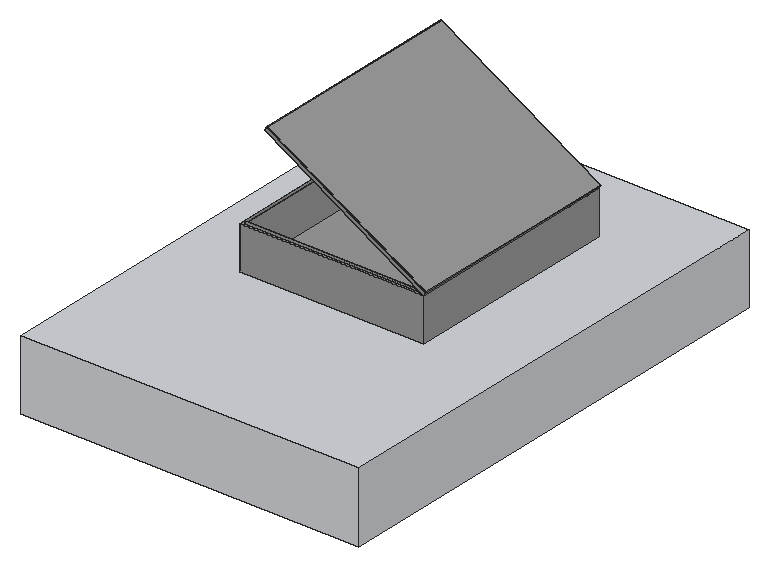
Revit family "Hager-Univers-IP54-D205-H950-Cl.II-Encl-CH-fr", category Equipement électrique, Revit 2020
Family settings
  Hôte = Face
  Configuration du panneau = Deux colonnes, circuits au sein
  Cote de connecteur circulaire = Utiliser le diamètre
  Type d'élément = Tableau de raccordement
  Couper avec des vides une fois chargée = Non
  Partagée = Non
  Point de calcul de pièce = Non
Parameters (values of type "saillie IP54 L800 H950 P205  - FP63QSW")
  Width Control [instance] = if([EF000008 - largeur] > Min Width, [EF000008 - largeur], Min Width)  # 800 mm
  Commentaires du type = [HG000003 - Gamme]  # "Univers"
  Thickness Door [instance] = if([EF009171 - épaisseur de matériau de la porte/du couvercle] > 3 mm, 3 mm, [EF009171 - épaisseur de matériau de la porte/du couvercle])  # 1 mm
  Seal Frame Offset [instance] = 17 mm  # constant formula
  Plinth Visibility [instance] = [HG000027 - Hauteur du socle] > 0 mm  # no
  Model = ""
  Min Width [instance] = 100 mm  # constant formula
  Min Height [instance] = 100 mm  # constant formula
  Min Depth [instance] = (2 * [EF009170 - épaisseur de matériau du boîtier]) + 1 mm  # 3 mm
  Internal Frame Depth [instance] = (Door System Depth * 0.5)  # 9 mm
  Height Control [instance] = if([EF000040 - hauteur] > Min Height, [EF000040 - hauteur], Min Height)  # 950 mm
  HG000027 - Hauteur du socle = 0 mm
  HG000026 - Installation au sol = no
  HG000024 - Hauteur de la section basse = 800 mm
  HG000023 - Armoire double section = no
  HG000016 - Visibilité de la porte 3D [instance] = yes
  HG000015 - Visibilité de l'emprise de la porte [instance] = no
  HG000014 - Porte à droite [instance] = yes
  HG000013 - Porte à gauche [instance] = not([HG000014 - Porte à droite])  # no
  HG000012 - Angle de pivotement de la porte [instance] = 30.00°
  HG000010 - Portes asymétriques = no
  HG000009 - Porte à double battant = no
  HG000006 - Encastré = no
  HG000004 - Référence fabricant = "FP63QSW"
  HG000003 - Gamme = "Univers"
  HG000002 - avec porte = yes
  Frame Offset Bottom [instance] = 10 mm  # constant formula
  Frame Offset [instance] = 15 mm  # constant formula
  EF015940 - couvercle avec décharge de pression = no
  EF011959 - degré de protection (NEMA) = ""
  EF009554 - nombre d'ouvertures pour plaques à bride = 6
  Fabricant = "Hager"  # constant formula
  EF009212 - finition du couvercle = "EV000116 - fermé"
  EF009171 - épaisseur de matériau de la porte/du couvercle = 1 mm
  EF009170 - épaisseur de matériau du boîtier = 1 mm
  EF008873 - courant nominal (In) = 250 A
  EF007800 - adapté à un parafoudre = no
  EF006306 - avec serrure = no
  EF006244 - couvercle/porte transparent(e) = no
  EF005474 - indice de protection (IP) = "EV006419 - IP54"
  EF004464 - type de porte = "EV002646 - unique"
  EF004427 - nombre de modules = 216
  EF004293 - indice de protection contre les chocs (IK) = "EV006815 - IK09"
  EF003532 - convient pour utilisation à l’extérieur = no
  EF002950 - largeur en nombre de modules = 36
  EF001613 - maintien de fonction = "EV000494 - sans"
  EF001596 - matériau du boîtier/corps = "EV000179 - acier"
  EF001131 - profondeur intérieure = 143 mm
  EF001088 - possibilité de montage en saillie = yes
  EF000437 - nombre d'entrées de conduit = 6
  EF000339 - type de capot = "EV001012 - couvercle"
  EF000266 - nombre de rangées = 6
  EF000218 - profondeur d'encastrement = 0 mm
  EF000118 - avec cadre/support de montage = no
  EF000116 - numéro RAL = "9010"
  EF000049 - profondeur = 205 mm
  EF000040 - hauteur = 950 mm
  EF000008 - largeur = 800 mm
  EF000007 - couleur = "EV000202 - blanc"
  EF000003 - mode de pose = "EV000384 - saillie"
  Door System Leaf Tolerance [instance] = 1.5 mm  # constant formula
  Door System Depth [instance] = 18 mm  # constant formula
  Door Height [instance] = Height Control - [HG000027 - Hauteur du socle]  # 950 mm
  Depth Control [instance] = if([EF000049 - profondeur] > Min Depth, [EF000049 - profondeur], Min Depth)  # 205 mm
  Default Elevation = 0 mm
  Connector Offset [instance] = Height Control / 2  # 475 mm
  Bottom Top Plate Trim [instance] = 1.5 mm  # constant formula
  Plinth height Ctrl [instance] = if([HG000027 - Hauteur du socle] > 0 mm, [HG000027 - Hauteur du socle], 12 mm)  # 12 mm
Types (5, lengths in mm): name | Width Control | HG000010 - Portes asymétriques | HG000009 - Porte à double battant | HG000004 - Référence fabricant | EF009554 - nombre d'ouvertures pour plaques à bride | EF004464 - type de porte | EF004427 - nombre de modules | EF002950 - largeur en nombre de modules | EF001131 - profondeur intérieure | EF000437 - nombre d'entrées de conduit | EF000339 - type de capot | EF000008 - largeur
  saillie IP54 L1050 H950 P205  - FP64QSW | 1050 | no | no | "FP64QSW" | 8 | "EV003602 - double" | 288 | 48 | 143 | 8 | "EV001012 - couvercle" | 1050
  saillie IP54 L1300 H950 P205  - FP65QSW | 1300 | yes | yes | "FP65QSW" | 10 | "EV003602 - double" | 360 | 60 | 130 | 10 | "EV004216 - porte" | 1300
  saillie IP54 L300 H950 P205  - FP61QSW | 300 | no | no | "FP61QSW" | 2 | "EV002646 - unique" | 72 | 12 | 130 | 2 | "EV004216 - porte" | 300
  saillie IP54 L550 H950 P205  - FP62QSW | 550 | no | no | "FP62QSW" | 4 | "EV002646 - unique" | 144 | 24 | 130 | 4 | "EV001012 - couvercle" | 550
  saillie IP54 L800 H950 P205  - FP63QSW | 800 | no | no | "FP63QSW" | 6 | "EV002646 - unique" | 216 | 36 | 143 | 6 | "EV001012 - couvercle" | 800
Reference planes
  plane 1 "Center (Front/Back)": y = 0
  plane 2: z = 0
  plane 3 "Center (Left/Right)": x = 0
  plane 4: z = 205
  plane 5: y = 1
  plane 6: y = 475
  plane 7: y = 0
  plane 8: y = 950
  plane 9: z = 0
  plane 10: x = -385
  plane 11: x = 385
  plane 12: x = 384
  plane 13: x = -384
  plane 14: y = 949
  plane 15: x = -383
  plane 16: x = -400
  plane 17: x = 383
  plane 18: x = 400
  plane 19: x = 399
  plane 20: x = -399
  plane 21: y = 11
  plane 22: y = 950
  plane 23: y = 934
  plane 24: z = 187
  plane 25: z = 1
  plane 26: z = 186
  plane 27: z = 204
Forms (mm)
  Extrusion 1, solid
    sketch origin (0, 0, 0) x (1, 0, 0) y (0, 1, 0)
      loop
        line (-702.964, 1305) -> (-702.964, -811.445) -> (766.763, -811.445) -> (766.763, 1305) -> (-702.964, 1305)
    from 0 to -304.8
  Extrusion 2, solid, material "Hager_Steel_RAL7035_Light_Grey", visible <- "Plinth Visibility", detail levels medium+fine
    sketch origin (0, 0, 0) x (1, 0, 0) y (0, 1, 0)
      loop
        line (-400, 0) -> (400, 0) -> (400, 12) -> (-400, 12) -> (-400, 0)
    from 0 to 187
  Extrusion 3, solid, material "Hager_Steel_RAL7035_Light_Grey", detail levels medium+fine
    sketch origin (0, 0, 0) x (1, 0, 0) y (0, 1, 0)
      loop
        line (-400, 0) -> (400, 0) -> (400, 950) -> (-400, 950) -> (-400, 0)
    from 0 to 187
  Extrusion 4, void
    sketch origin (0, 0, 0) x (1, 0, 0) y (0, 1, 0)
      loop
        line (-399, 1) -> (399, 1) -> (399, 949) -> (-399, 949) -> (-399, 1)
    from 1 to 186
  Extrusion 5, void
    sketch origin (-381.607, -4572, 187) x (0, -1, 0) y (-1, 0, 0)
      loop
        line (-4583, 2.393) -> (-5506, 2.393) -> (-5506, -765.607) -> (-4583, -765.607) -> (-4583, 2.393)
    from 0 to 1 <- "EF009170 - épaisseur de matériau du boîtier"
  Extrusion 6, solid, material "Hager_Steel_RAL7035_Light_Grey", detail levels fine
    sketch origin (0, 0, 187) x (1, 0, 0) y (0, 1, 0)
      loop
        line (-384, 934) -> (-384, 11) -> (384, 11) -> (384, 934) -> (-384, 934)
      loop
        line (-385, 10) -> (385, 10) -> (385, 935) -> (-385, 935) -> (-385, 10)
    from 0 to 9 <- "Internal Frame Depth"
  Extrusion 7, solid, material "Hager_Steel_RAL7035_Light_Grey", detail levels coarse
    sketch origin (0, 0, 0) x (1, 0, 0) y (0, 1, 0)
      loop
        line (-400, 0) -> (400, 0) -> (400, 950) -> (-400, 950) -> (-400, 0)
    from 0 to 205
  Sweep 8, void
    path in 3D
      loop
        line (-400, 12, 0) -> (400, 12, 0) -> (400, 12, 187) -> (-400, 12, 187) -> (-400, 12, 0)
    profile origin (-400, 12, 93.5) x (-1, 0, 0) y (0, -1, 0)
      loop
        line (0, 0) -> (0, 1.5) -> (-1.5, 1.5)
        arc (-1.5, 1.5) -> (-1.061, 0.439) -> (0, 0) r 1.5
Cuts and joins
  Extrusion 4, Extrusion 5 cuts Extrusion 3
  Sweep 8 cuts Extrusion 2
Lines and regions (mm)
  Masking region 1
    outline origin (0, 0, 0) x (1, 0, 0) y (0, 0, 1)
      loop
        line (-400, 205) -> (-400, 0) -> (400, 0) -> (400, 205) -> (-400, 205)
  Masking region 2, detail levels medium+fine
    outline origin (0, 140, 0) x (0, 1, 0) y (0, 0, 1)
      loop
        line (-140, 0) -> (810, 0) -> (810, 187) -> (-140, 187) -> (-140, 0)
  Masking region 3, not visible, detail levels medium+fine
    outline origin (0, 297.922, 0) x (0, 1, 0) y (0, 0, 1)
      loop
        line (188.578, 0) -> (228.578, 0) -> (228.578, 194)
        arc (228.578, 194) -> (225.649, 201.071) -> (218.578, 204) r 10
        line (218.578, 204) -> (188.578, 204) -> (188.578, 0)
  Masking region 4, detail levels coarse
    outline origin (0, 0, 180) x (0, 1, 0) y (0, 0, 1)
      loop
        line (0, -180) -> (950, -180) -> (950, 25) -> (0, 25) -> (0, -180)
  Masking region 5, visible <- "Plinth Visibility", detail levels medium+fine
    outline origin (0, 52.24, 12.345) x (0, 0, -1) y (0, 1, 0)
      loop
        line (10.845, -40.24) -> (-173.155, -40.24)
        arc (-173.155, -40.24) -> (-173.594, -41.301) -> (-174.655, -41.74) r 1.5
        line (-174.655, -41.74) -> (-174.655, -52.24) -> (12.345, -52.24) -> (12.345, -41.74)
        arc (12.345, -41.74) -> (11.285, -41.301) -> (10.845, -40.24) r 1.5
  Masking region 6, detail levels medium+fine
    outline origin (-381.607, -4572, 187) x (-1, 0, 0) y (0, -1, 0)
      loop
        line (18.393, -5522) -> (18.393, -4572) -> (-781.607, -4572) -> (-781.607, -5522) -> (18.393, -5522)
  Masking region 7, visible <- "Plinth Visibility", detail levels medium+fine
    outline origin (-381.607, -4727, 187) x (-1, 0, 0) y (0, -1, 0)
      loop
        arc (16.893, -4739) -> (17.332, -4737.939) -> (18.393, -4737.5) r 1.5
        line (18.393, -4737.5) -> (18.393, -4727) -> (-781.607, -4727) -> (-781.607, -4737.5)
        arc (-781.607, -4737.5) -> (-780.546, -4737.939) -> (-780.107, -4739) r 1.5
        line (-780.107, -4739) -> (16.893, -4739)
  Masking region 8, detail levels coarse
    outline origin (-442.548, -4669.526, 187) x (-1, 0, 0) y (0, -1, 0)
      loop
        line (-42.548, -5619.526) -> (-42.548, -4669.526) -> (-842.548, -4669.526) -> (-842.548, -5619.526) -> (-42.548, -5619.526)
  sketch lines
    curve 1: line (-400, 12, 187) -> (-400, 12, 0)
    curve 2: line (400, 12, 187) -> (-400, 12, 187)
    curve 3: line (400, 12, 187) -> (400, 12, 0)
    curve 4: line (-400, 12, 0) -> (400, 12, 0)
Dimensions and locks
  "Depth Control": plane 4 to Extrusion 1
  "HG000027 - Hauteur du socle": plane 1 "Center (Front/Back)" to plane 7
  "EF009170 - épaisseur de matériau du boîtier": plane 5 to plane 7
  locked: connector elem to plane 3 "Center (Left/Right)"
  equal spacing: plane 8, plane 6, plane 7
  locked: connector elem to plane 6
  "EF009170 - épaisseur de matériau du boîtier": plane 8 to plane 14
  "EF009170 - épaisseur de matériau du boîtier": plane 10 to plane 13
  "EF009170 - épaisseur de matériau du boîtier": plane 12 to plane 11
  "Frame Offset": plane 20 to plane 13
  "Frame Offset": plane 12 to plane 19
  "EF009170 - épaisseur de matériau du boîtier": plane 16 to plane 20
  "EF009170 - épaisseur de matériau du boîtier": plane 19 to plane 18
  "Seal Frame Offset": plane 16 to plane 15
  "Seal Frame Offset": plane 17 to plane 18
  "Frame Offset Bottom": plane 21 to plane 5
  "Frame Offset": plane 14 to plane 23
  equal spacing: plane 16, plane 3 "Center (Left/Right)", plane 18
  "Width Control": plane 16 to plane 18
  "EF009170 - épaisseur de matériau du boîtier": plane 4 to plane 27
  "EF009170 - épaisseur de matériau du boîtier": plane 24 to plane 26
  "EF009170 - épaisseur de matériau du boîtier": plane 25 to level
  "Door System Depth": plane 4 to plane 24
  "Height Control": plane 1 "Center (Front/Back)" to Extrusion 7 sketch curve
  "Height Control": Masking region 4 sketch curve to plane 1 "Center (Front/Back)"
  "Height Control": plane 1 "Center (Front/Back)" to plane 22
  "Bottom Top Plate Trim": profile plane to Sweep 8 sketch curve
  "Bottom Top Plate Trim": Sweep 8 sketch curve to profile plane
  "Plinth height Ctrl": plane 1 "Center (Front/Back)" to Extrusion 2 sketch curve
  "Plinth height Ctrl": Masking region 5 sketch curve to plane 1 "Center (Front/Back)"
  "Plinth height Ctrl": plane 1 "Center (Front/Back)" to Masking region 7 sketch curve
  "Thickness Door": Extrusion 6 sketch curve to Extrusion 6 sketch curve  (x3)
  "Thickness Door": cut or joined group of Extrusion 3, Extrusion 4, Extrusion 5 to Extrusion 6 sketch curve
  radius of Masking region 3 sketch curve = 10 mm
  "Bottom Top Plate Trim": radius of Masking region 5 sketch curve  (x2)
  "Bottom Top Plate Trim": radius of Sweep 8 sketch curve
  "Bottom Top Plate Trim": radius of Masking region 7 sketch curve  (x2)
  aligned and locked: plane 2 to Extrusion 1
  aligned and locked: level to Extrusion 1
  aligned and locked: level to Masking region 1 sketch curve
  aligned and locked: Masking region 1 sketch curve to plane 18
  aligned and locked: Masking region 1 sketch curve to plane 16
  aligned and locked: plane 7 to Masking region 2 sketch curve
  aligned and locked: level to Masking region 3 sketch curve
  aligned and locked: Masking region 3 sketch curve to plane 27
  aligned and locked: level to Masking region 2 sketch curve
  aligned and locked: plane 1 "Center (Front/Back)" to Extrusion 2 sketch curve
  aligned and locked: Extrusion 3 sketch curve to plane 7
  aligned and locked: plane 16 to Extrusion 3 sketch curve
  aligned and locked: plane 18 to Extrusion 3 sketch curve
  aligned and locked: plane 20 to Extrusion 4 sketch curve
  aligned and locked: plane 19 to Extrusion 4 sketch curve
  aligned and locked: Extrusion 4 sketch curve to plane 5
  aligned and locked: Extrusion 4 to plane 25
  aligned and locked: plane 26 to Extrusion 4
  aligned and locked: plane 24 to Extrusion 3
  aligned and locked: Extrusion 5 sketch curve to plane 21
  aligned and locked: Extrusion 5 sketch curve to plane 13
  aligned and locked: Extrusion 5 sketch curve to plane 12
  aligned and locked: plane 18 to Extrusion 7 sketch curve
  aligned and locked: plane 1 "Center (Front/Back)" to Extrusion 7 sketch curve
  aligned and locked: plane 16 to Extrusion 7 sketch curve
  aligned and locked: plane 4 to Extrusion 7
  aligned and locked: Extrusion 7 to level
  aligned and locked: level to Masking region 4 sketch curve
  aligned and locked: Masking region 4 sketch curve to plane 1 "Center (Front/Back)"
  aligned and locked: Masking region 4 sketch curve to plane 4
  aligned and locked: nested 1 to level
  aligned and locked: nested 1 to plane 16
  aligned and locked: plane 8 to Extrusion 3 sketch curve
  aligned and locked: plane 23 to Extrusion 5 sketch curve
  aligned and locked: plane 14 to Extrusion 4 sketch curve
  aligned and locked: Masking region 2 sketch curve to plane 8
  aligned and locked: level to Masking region 5 sketch curve
  aligned and locked: plane 16 to Extrusion 2 sketch curve
  aligned and locked: plane 18 to Extrusion 2 sketch curve
  aligned and locked: Masking region 5 sketch curve to plane 24
  aligned and locked: Masking region 2 sketch curve to plane 24
  aligned and locked: plane 24 to Extrusion 2
  aligned and locked: profile plane to Sweep 8 sketch curve  (x2)
  aligned and locked: Masking region 6 sketch curve to plane 18
  aligned and locked: Masking region 6 sketch curve to plane 22
  aligned and locked: Masking region 6 sketch curve to plane 16
  aligned and locked: plane 8 to plane 22
  aligned and locked: Masking region 6 sketch curve to plane 7
  aligned and locked: Masking region 7 sketch curve to plane 16
  aligned and locked: Masking region 7 sketch curve to plane 1 "Center (Front/Back)"
  aligned and locked: Masking region 7 sketch curve to plane 18
  aligned and locked: Masking region 8 sketch curve to plane 1 "Center (Front/Back)"
  aligned and locked: Masking region 8 sketch curve to plane 18
  aligned and locked: Masking region 8 sketch curve to plane 22
  aligned and locked: Masking region 8 sketch curve to plane 16
  aligned and locked: nested 2 to plane 7
  aligned and locked: plane 3 "Center (Left/Right)" to nested 2
  aligned and locked: nested 2 to plane 24
  aligned and locked: Extrusion 6 sketch curve to cut or joined group of Extrusion 3, Extrusion 4, Extrusion 5  (x4)
Automatic sketch dimensions
  Extrusion 1 sketch curve to Extrusion 1 sketch curve = 1469.727 mm
  Extrusion 1 sketch curve to Extrusion 1 sketch curve = 2116.445 mm
  Masking region 1 sketch curve to plane 4 = 0 mm
  plane 6 to Masking region 3 sketch curve = 11.5 mm
  Masking region 3 sketch curve to Masking region 3 sketch curve = 30 mm
  Masking region 5 sketch curve to plane 1 "Center (Front/Back)" = 0 mm
Nested families
  nested 1: "Hager_Enclosure_Symbol" at (-400, 0, 0) x (1, 0, 0) z (0, -1, 0), Height <- "Depth Control", Width <- "Width Control", type "Hager_Enclosure_Symbol"
    with Width_Ctrl 800 mm, Width 800 mm, Height_Ctrl 205 mm, Height 205 mm, A_Width_Int 13.453 mm, A_Width 161.438 mm, A_Height_Ctrl 179.375 mm, A_Height 179.375 mm
  nested 2: "EC000058_Univers_Door" at (0, 0, 187) x (1, 0, 0) z (0, 1, 0), Leaf_Tolerance <- "Door System Leaf Tolerance", Angle <- "HG000012 - Angle de pivotement de la porte", Door_Depth <- "Door System Depth", Door_Left <- "HG000013 - Porte à gauche", Transparent <- "EF006244 - couvercle/porte transparent(e)", Assymetrical <- "HG000010 - Portes asymétriques", Width <- "Width Control", Clearance <- "HG000015 - Visibilité de l'emprise de la porte", Double <- "HG000009 - Porte à double battant", 3d_Door <- "HG000016 - Visibilité de la porte 3D", Lock_Visibility <- "EF006306 - avec serrure", Width_Ctrl <- "Width Control", Door_Right <- "HG000014 - Porte à droite", Door <- "HG000002 - avec porte", Height <- "Door Height", Thickness <- "Thickness Door", type "EC000058_Univers_Door", detail levels medium+fine
    with min_wh 3 mm, Width_Ctrl 800 mm, Width 800 mm, Transparent no, Thickness 1 mm, Seal_Material Hager_Rubber, Lock_Visibility no, Lock_Material Hager_Plastic_RAL9005_Jet_Black, Leaf_Width 800 mm, Leaf_Tolerance_External_Sides 0 mm, Leaf_Tolerance 1.5 mm, Leaf_Offset 0 mm, Leaf_Height 947 mm, Leaf_2_Width 800 mm, Leaf_2_Offset 400 mm, Leaf_1_Width 800 mm, Leaf_1_Offset 400 mm, Height_Ctrl 950 mm, Height 950 mm, Glass_Material Hager_Glass, Double_Clearance_Ctrl no, Double no, Door_Right_Ctrl yes, Door_Right yes, Door_Material Hager_Steel_RAL7035_Light_Grey, Door_Left_Ctrl no, Door_Left no, Door_Depth 18 mm, Door yes, Clearance_Material Hager_Clearance, Clearance_Depth 800 mm, Clearance_Ctrl no, Clearance no, Assymetrical no, Angle 30.00°, 3d_Door yes
Connectors
  electrical at (0, 475, 0)
    settings: on plane 9, index 1, voltage 0 V, apparent load 0 VA, apparent load phase1 0 VA, apparent load phase2 0 VA, apparent load phase3 0 VA, power factor 1, load classification "Other", number of poles 1, system type 30, power factor state 1, is connector primary yes, connector utility no, sub classification motor no, connector description ""
Definition of nested family "EC000058_Univers_Door"
  Parameters (values of type "EC000058_Univers_Door")
    min_wh [instance] = (2 * Thickness) + 1 mm  # 11 mm
    Width_Ctrl [instance] = 400 mm
    Width [instance] = 500 mm
    Transparent [instance] = yes
    Thickness [instance] = 5 mm
    Seal_Material [instance] = none
    Lock_Visibility [instance] = yes
    Lock_Material [instance] = none
    Leaf_Width [instance] = if((Width_Ctrl - 2 * Leaf_Tolerance_External_Sides) > 0 mm, (Width_Ctrl - 2 * Leaf_Tolerance_External_Sides), min_wh)  # 400 mm
    Leaf_Tolerance_External_Sides [instance] = 0 mm  # constant formula
    Leaf_Tolerance [instance] = 1.5 mm
    Leaf_Offset [instance] = 0 mm  # constant formula
    Leaf_Height [instance] = if((Height_Ctrl - 2 * Leaf_Tolerance) > 0 mm, (Height_Ctrl - 2 * Leaf_Tolerance), min_wh)  # 497 mm
    Leaf_2_Width [instance] = if(and(and(Double, Assymetrical), Door_Left), (Leaf_Width / 3) - (Leaf_Tolerance / 2), if(and(and(Double, Assymetrical), Door_Right), (Leaf_Width / 3) * 2 - (Leaf_Tolerance / 2), if(and(Double, not(Assymetrical)), (Leaf_Width / 2) - Leaf_Tolerance, Leaf_Width)))  # 400 mm
    Leaf_2_Offset [instance] = if(and(Double, Assymetrical), Leaf_2_Width / 2, if(and(Double, not(Assymetrical)), Leaf_Width / 4, Leaf_Width / 2))  # 200 mm
    Leaf_1_Width [instance] = if(and(and(Double, Assymetrical), Door_Right), (Leaf_Width / 3) - (Leaf_Tolerance / 2), if(and(and(Double, Assymetrical), Door_Left), (Width / 3) * 2 - (Leaf_Tolerance / 2), if(and(Double, not(Assymetrical)), (Leaf_Width / 2) - Leaf_Tolerance, Leaf_Width)))  # 400 mm
    Leaf_1_Offset [instance] = if(and(Double, Assymetrical), Leaf_1_Width / 2, if(and(Double, not(Assymetrical)), Leaf_Width / 4, Leaf_Width / 2))  # 200 mm
    Height_Ctrl [instance] = if(Height > min_wh, Height, min_wh)  # 500 mm
    Height [instance] = 500 mm
    Glass_Material [instance] = none
    Double_Clearance_Ctrl [instance] = and(Double, Clearance)  # no
    Double [instance] = no
    Door_Right_Ctrl [instance] = and(or(Door_Right, Double), Door)  # yes
    Door_Right [instance] = yes
    Door_Material [instance] = none
    Door_Left_Ctrl [instance] = and(or(Door_Left, Double), Door)  # no
    Door_Left [instance] = no
    Door_Depth [instance] = 30 mm
    Door [instance] = yes
    Default Elevation = 1219.2 mm
    Clearance_Material [instance] = none
    Clearance_Depth [instance] = if(Leaf_1_Width > Leaf_2_Width, Leaf_1_Width, Leaf_2_Width)  # 400 mm
    Clearance_Ctrl [instance] = and(not(Double), Clearance)  # yes
    Clearance [instance] = yes
    Assymetrical [instance] = yes
    Angle [instance] = 30.00°
    3d_Door [instance] = yes
  Reference planes
    plane 1 "Center (Front/Back)": y = 0
    plane 2 "Bottom": z = 0
    plane 3 "Center (Left/Right)": x = 0
    plane 4: z = 500
    plane 5: x = -200
    plane 6: x = 200
    plane 7: z = 500
    plane 8: x = -200
    plane 9: z = 0
    plane 10: x = 200
    plane 11: y = 0
    plane 12: z = 1.5
    plane 13: x = -600
    plane 14: y = -400
    plane 15: x = 600
    plane 16: x = 0
    plane 17: x = 0
    plane 18: x = -200
    plane 19: x = 200
    plane 20: z = 498.5
  Forms (mm)
    Extrusion 1, solid, material <- "Clearance_Material", visible <- "Double_Clearance_Ctrl"
      sketch origin (1200, 0, 0) x (1, 0, 0) y (0, 0, -1)
        loop
          line (-1800, -498.5) -> (-600, -498.5) -> (-600, 0) -> (-1800, 0) -> (-1800, -498.5)
      from 0 to -400
  Dimensions and locks
    equal spacing: plane 5, plane 3 "Center (Left/Right)", plane 6
    "Width_Ctrl": plane 5 to plane 6
    "Leaf_Offset": plane 5 to plane 8
    "Leaf_Offset": plane 6 to plane 10
    "Leaf_Offset": plane 9 to level
    "Leaf_Offset": plane 4 to plane 7
    "Height_Ctrl": plane 4 to level
    "Leaf_Tolerance": plane 12 to plane 9
    locked: plane 11 to plane 1 "Center (Front/Back)"
    "Leaf_1_Offset": plane 18 to plane 16
    "Leaf_2_Offset": plane 17 to plane 19
    "Leaf_1_Width": plane 13 to plane 8
    "Leaf_2_Width": plane 10 to plane 15
    "Clearance_Depth": plane 14 to plane 1 "Center (Front/Back)"
    "Leaf_Tolerance_External_Sides": plane 8 to plane 18
    "Leaf_Tolerance_External_Sides": plane 19 to plane 10
    "Leaf_Tolerance": plane 7 to plane 20
    aligned and locked: level to plane 2 "Bottom"
    aligned and locked: nested 1 to plane 16
    aligned and locked: nested 2 to plane 17
    aligned and locked: Extrusion 1 to plane 13
    aligned and locked: plane 15 to Extrusion 1
    aligned and locked: Extrusion 1 to plane 14
    aligned and locked: plane 12 to nested 1
    aligned and locked: nested 2 to plane 12
    aligned and locked: Extrusion 1 to plane 11
    aligned and locked: plane 20 to Extrusion 1
    aligned and locked: nested 2 to plane 11
    aligned and locked: nested 1 to plane 11
  Automatic sketch dimensions
    Extrusion 1 sketch curve to level = 0 mm
    plane 5 to Extrusion 1 sketch curve = 400 mm
    plane 6 to Extrusion 1 sketch curve = 400 mm
    Extrusion 1 sketch curve to plane 4 = 1.5 mm
  Nested families
    nested 1: "EC000058_Univers_Door_Leaf" at (0, 0, 1.5), Width <- "Leaf_1_Width", visible <- "Door_Left_Ctrl", Leaf_Height <- "Leaf_Height", Angle <- "Angle", 3d_Door <- "3d_Door", Transparent <- "Transparent", Clearance Material <- "Clearance_Material", Clearance <- "Clearance_Ctrl", Door_Material <- "Door_Material", Glass_Material <- "Glass_Material", Door_Depth <- "Door_Depth", Lock_Material <- "Lock_Material", Seal_Material <- "Seal_Material", Lock_Visibility <- "Lock_Visibility", Thickness <- "Thickness", type "EC000058_Univers_Door_Leaf"
      with Width 400 mm, Transparent_Glass_Offset 30 mm, Transparent_Ctrl yes, Transparent yes, Thickness 5 mm, Standard no, Seal_Material none, Seal_D2 8 mm, Seal_D1 1 mm, Offset_Internal_Frame 10 mm, Lock_Width 20 mm, Lock_Visibility_3d yes, Lock_Visibility yes, Lock_Thickness_3 3 mm, Lock_Thickness_2 1 mm, Lock_Thickness_1 3 mm, Lock_Radius_Offset_2 16 mm, Lock_Radius_Offset_1 15 mm, Lock_Radius_2 5 mm, Lock_Radius 6 mm, Lock_Offset 5 mm, Lock_Material none, Lock_Height 80 mm, Lock_Cover_Top_Offset_2d 17 mm, Lock_Cover_Height -65 mm, Leaf_Height 497 mm, Internal_Seal_Thickness 8 mm, Internal_Seal_Depth_2 4.5 mm, Internal_Frame_Depth 25 mm, Glass_Thickness -1 mm, Glass_Offset -2 mm, Glass_Material none, Door_Material none, Door_Depth 30 mm, Clearance Material none, Clearance yes, Angle_Ctrl 30.00°, Angle 30.00°, 3d_Door yes
    nested 2: "EC000058_Univers_Door_Leaf" at (0, 0, 1.5) x (-1, 0, 0) z (0, 0, 1), Width <- "Leaf_2_Width", visible <- "Door_Right_Ctrl", Leaf_Height <- "Leaf_Height", Angle <- "Angle", 3d_Door <- "3d_Door", Transparent <- "Transparent", Clearance Material <- "Clearance_Material", Clearance <- "Clearance_Ctrl", Door_Material <- "Door_Material", Glass_Material <- "Glass_Material", Door_Depth <- "Door_Depth", Lock_Material <- "Lock_Material", Seal_Material <- "Seal_Material", Lock_Visibility <- "Lock_Visibility", Thickness <- "Thickness", type "EC000058_Univers_Door_Leaf"
      with Width 400 mm, Transparent_Glass_Offset 30 mm, Transparent_Ctrl yes, Transparent yes, Thickness 5 mm, Standard no, Seal_Material none, Seal_D2 8 mm, Seal_D1 1 mm, Offset_Internal_Frame 10 mm, Lock_Width 20 mm, Lock_Visibility_3d yes, Lock_Visibility yes, Lock_Thickness_3 3 mm, Lock_Thickness_2 1 mm, Lock_Thickness_1 3 mm, Lock_Radius_Offset_2 16 mm, Lock_Radius_Offset_1 15 mm, Lock_Radius_2 5 mm, Lock_Radius 6 mm, Lock_Offset 5 mm, Lock_Material none, Lock_Height 80 mm, Lock_Cover_Top_Offset_2d 17 mm, Lock_Cover_Height -65 mm, Leaf_Height 497 mm, Internal_Seal_Thickness 8 mm, Internal_Seal_Depth_2 4.5 mm, Internal_Frame_Depth 25 mm, Glass_Thickness -1 mm, Glass_Offset -2 mm, Glass_Material none, Door_Material none, Door_Depth 30 mm, Clearance Material none, Clearance yes, Angle_Ctrl 30.00°, Angle 30.00°, 3d_Door yes
  Definition of nested family "EC000058_Univers_Door_Leaf"
    Parameters (values of type "EC000058_Univers_Door_Leaf")
      Width [instance] = 2000 mm
      Transparent_Glass_Offset [instance] = 30 mm
      Transparent_Ctrl [instance] = and(Transparent, [3d_Door])  # yes
      Transparent [instance] = yes
      Thickness [instance] = 5 mm
      Standard [instance] = and(not(Transparent), [3d_Door])  # no
      Seal_Material [instance] = none
      Seal_D2 [instance] = 8 mm  # constant formula
      Seal_D1 [instance] = 1 mm  # constant formula
      Offset_Internal_Frame [instance] = 10 mm  # constant formula
      Lock_Width [instance] = 20 mm  # constant formula
      Lock_Visibility_3d [instance] = and(Lock_Visibility, [3d_Door])  # yes
      Lock_Visibility [instance] = yes
      Lock_Thickness_3 [instance] = 3 mm  # constant formula
      Lock_Thickness_2 [instance] = 1 mm  # constant formula
      Lock_Thickness_1 [instance] = 3 mm  # constant formula
      Lock_Radius_Offset_2 [instance] = Lock_Radius_Offset_1 + 1 mm  # 16 mm
      Lock_Radius_Offset_1 [instance] = 15 mm  # constant formula
      Lock_Radius_2 [instance] = Lock_Radius - 1 mm  # 5 mm
      Lock_Radius [instance] = 6 mm  # constant formula
      Lock_Offset [instance] = 5 mm  # constant formula
      Lock_Material [instance] = none
      Lock_Height [instance] = 80 mm  # constant formula
      Lock_Cover_Top_Offset_2d [instance] = Lock_Radius_Offset_2 + 1 mm  # 17 mm
      Lock_Cover_Height [instance] = -(Lock_Height - Lock_Radius_Offset_1)  # -65 mm
      Leaf_Height [instance] = 2720.336 mm
      Internal_Seal_Thickness [instance] = 8 mm  # constant formula
      Internal_Seal_Depth_2 [instance] = 4.5 mm  # constant formula
      Internal_Frame_Depth [instance] = if(Door_Depth - Thickness > 5 mm, Door_Depth - Thickness, 5 mm)  # 25 mm
      Glass_Thickness [instance] = if(Thickness > 15 mm, Glass_Offset + 10 mm, -1 mm)  # -1 mm
      Glass_Offset [instance] = if(Thickness > 15 mm, -(Thickness + 10 mm) / 2, -2 mm)  # -2 mm
      Glass_Material [instance] = none
      Door_Material [instance] = none
      Door_Depth [instance] = 30 mm
      Default Elevation = 0 mm
      Clearance Material [instance] = none
      Clearance [instance] = yes
      Angle_Ctrl [instance] = if(Angle > 180.00°, 180.00°, Angle)  # 90.00°
      Angle [instance] = 90.00°
      3d_Door [instance] = yes
    Reference planes
      plane 1 "Center (Front/Back)": y = 0
      plane 2: z = 0
      plane 3 "Center (Left/Right)": x = 0
      plane 4: y = 2000
      plane 5: x = -1000
      plane 6: x = 1000
      plane 7: x = -3000
      plane 8: z = 2720.336
      plane 9: z = 30
      plane 10: z = 2690.336
      plane 11: x = 970
      plane 12: x = -970
      plane 13: y = -3
      plane 14: z = 107.833
      plane 15: y = -5
      plane 16: y = -223.314
      plane 17: x = -1000
      plane 18: z = 1360.168
      plane 19: y = 30
    Forms (mm)
      Extrusion 1, solid, material <- "Clearance Material", visible <- "Clearance"
        sketch origin (0, 0, 0) x (1, 0, 0) y (0, 0, 1)
          loop
            line (-3000, 2720.336) -> (-3000, 0) -> (1000, 0) -> (1000, 2720.336) -> (-3000, 2720.336)
        from 0 to -2000
      Extrusion 2, solid, material <- "Door_Material", visible <- "Standard", detail levels medium+fine
        sketch origin (-1000, 0, 0) x (0, 1, 0) y (-1, 0, 0)
          loop
            line (0, 30) -> (0, 25) -> (2000, 25) -> (2000, 30) -> (0, 30)
        from 0 to 2720.336 <- "Leaf_Height"
      Extrusion 3, solid, material <- "Door_Material", visible <- "Transparent_Ctrl", detail levels medium+fine
        sketch origin (-1000, 0, 0) x (0, 1, 0) y (-1, 0, 0)
          loop
            line (0, 25) -> (2000, 25) -> (2000, 30) -> (0, 30) -> (0, 25)
        from 0 to 2720.336 <- "Leaf_Height"
      Extrusion 4, void
        sketch origin (-1025, 2000, 0) x (0, 1, 0) y (0, 0, -1)
          loop
            line (-30, -2690.336) -> (-30, -30) -> (-1970, -30) -> (-1970, -2690.336) -> (-30, -2690.336)
        from 0 to 5 <- "Thickness"
      Sweep 5, solid, material <- "Seal_Material", visible <- "Transparent_Ctrl", detail levels fine
        path in 3D
          loop
            line (-1025, 30, 30) -> (-1025, 30, 2690.336) -> (-1025, 1970, 2690.336) -> (-1025, 1970, 30) -> (-1025, 30, 30)
        profile origin (-1025, 1000, 30) x (1, 0, 0) y (0, 0, 1)
          loop
            line (0, 0) -> (0, -8) -> (1, -8) -> (1, 0) -> (0, 0)
      Extrusion 6, solid, material <- "Glass_Material", visible <- "Transparent_Ctrl", detail levels medium+fine
        sketch origin (-1030, 0, 0) x (0, 1, 0) y (0, 0, -1)
          loop
            line (1970, -2690.336) -> (1970, -30) -> (30, -30) -> (30, -2690.336) -> (1970, -2690.336)
        from -2 <- "Glass_Offset" to -1 <- "Glass_Thickness"
      Extrusion 7, solid, material <- "Door_Material", visible <- "3d_Door", detail levels medium+fine
        sketch origin (-1025, 2000, 0) x (0, -1, 0) y (0, 0, -1)
          loop
            line (0, -2720.336) -> (2000, -2720.336) -> (2000, 0) -> (0, 0) -> (0, -2720.336)
          loop
            line (1995, -5) -> (5, -5) -> (5, -2715.336) -> (1995, -2715.336) -> (1995, -5)
        from 0 to 25 <- "Internal_Frame_Depth"
      Sweep 8, solid, material <- "Seal_Material", visible <- "Transparent_Ctrl", detail levels fine
        path in 3D
          loop
            line (-1025, 0, 0) -> (-1025, 2000, 0) -> (-1025, 2000, 2720.336) -> (-1025, 0, 2720.336) -> (-1025, 0, 0)
        profile origin (-1025, 0, 1360.168) x (1, 0, 0) y (0, 1, 0)
          loop
            line (0, 10) -> (2.975, 10)
            arc (2.975, 10) -> (4.053, 10.447) -> (4.5, 11.525) r 1.525
            line (4.5, 11.525) -> (4.5, 16.527)
            arc (4.5, 16.527) -> (4.069, 17.569) -> (3.027, 18) r 1.473
            line (3.027, 18) -> (0, 18) -> (0, 10)
      Extrusion 9, solid, material <- "Lock_Material", visible <- "Lock_Visibility_3d", detail levels fine
        sketch origin (-1030, 0, 0) x (0, 1, 0) y (0, 0, -1)
          loop
            arc (1993.5, -1400.168) -> (1994.561, -1399.729) -> (1995, -1398.668) r 1.5
            line (1995, -1398.668) -> (1995, -1320.168) -> (1975, -1320.168) -> (1975, -1398.668)
            arc (1975, -1398.668) -> (1975.439, -1399.729) -> (1976.5, -1400.168) r 1.5
            line (1976.5, -1400.168) -> (1993.5, -1400.168)
        from 3 <- "Lock_Thickness_1" to 0
      Blend 10, solid, material <- "Lock_Material", visible <- "Lock_Visibility_3d", detail levels fine
        base sketch origin (-1033, 0, 0) x (0, 1, 0) y (0, 0, -1)
          loop
            line (1975, -1320.168) -> (1975, -1398.668)
            arc (1975, -1398.668) -> (1975.439, -1399.729) -> (1976.5, -1400.168) r 1.5
            line (1976.5, -1400.168) -> (1993.5, -1400.168)
            arc (1993.5, -1400.168) -> (1994.561, -1399.729) -> (1995, -1398.668) r 1.5
            line (1995, -1398.668) -> (1995, -1320.168) -> (1975, -1320.168)
        top sketch origin (-1033, 0, 0) x (0, 1, 0) y (0, 0, -1)
          loop
            line (1976, -1320.168) -> (1976, -1398.668)
            arc (1976, -1398.668) -> (1976.146, -1399.022) -> (1976.5, -1399.168) r 0.5
            line (1976.5, -1399.168) -> (1993.5, -1399.168)
            arc (1993.5, -1399.168) -> (1993.854, -1399.022) -> (1994, -1398.668) r 0.5
            line (1994, -1398.668) -> (1994, -1320.168) -> (1976, -1320.168)
        from 0 to 1 <- "Lock_Thickness_2"
      Blend 11, solid, material <- "Lock_Material", visible <- "Lock_Visibility_3d", detail levels fine
        base sketch origin (-1034, 0, 0) x (0, 1, 0) y (0, 0, -1)
          loop
            line (1978, -1320.168) -> (1978, -1384.168)
            arc (1978, -1384.168) -> (1985, -1391.168) -> (1992, -1384.168) r 7
            line (1992, -1384.168) -> (1992, -1320.168) -> (1978, -1320.168)
        top sketch origin (-1034, 0, 0) x (0, 1, 0) y (0, 0, -1)
          loop
            line (1991, -1320.168) -> (1979, -1320.168) -> (1979, -1383.168)
            arc (1979, -1383.168) -> (1985, -1389.168) -> (1991, -1383.168) r 6
            line (1991, -1383.168) -> (1991, -1320.168)
        from 0 to 3 <- "Lock_Thickness_3"
      Extrusion 12, solid, material <- "Lock_Material", visible <- "Lock_Visibility_3d", detail levels fine
        sketch origin (-1030, 1975, 1320.168) x (1, 0, 0) y (0, -1, 0)
          loop
            line (-7, -19) -> (-7, -1) -> (0, -1) -> (0, 0) -> (-8, 0) -> (-8, -20) -> (0, -20) -> (0, -19) -> (-7, -19)
        from 0 to -65 <- "Lock_Cover_Height"
      Extrusion 13, void
        sketch origin (-1038, 1995, 1320.168) x (-1, 0, 0) y (0, 0, -1)
          loop
            line (-5, -65) -> (0, -65) -> (-5, -60) -> (-5, -65)
        from 0 to 20 <- "Lock_Width"
      Extrusion 14, void
        sketch origin (-1038, 1975, 1320.168) x (0, -1, 0) y (0, 0, -1)
          loop
            circle (-10, -15.995) r 6
          loop
            circle (-10, -15.995) r 5
        from 0 to 2
      Extrusion 15, solid, material <- "Lock_Material", visible <- "Lock_Visibility_3d", detail levels medium
        sketch origin (-1030, 0, 0) x (0, 1, 0) y (0, 0, -1)
          loop
            arc (1993.5, -1400.168) -> (1994.561, -1399.729) -> (1995, -1398.668) r 1.5
            line (1995, -1398.668) -> (1995, -1320.168) -> (1975, -1320.168) -> (1975, -1398.668)
            arc (1975, -1398.668) -> (1975.439, -1399.729) -> (1976.5, -1400.168) r 1.5
            line (1976.5, -1400.168) -> (1993.5, -1400.168)
        from 8 to 0
    Cuts and joins
      Extrusion 4 cuts Extrusion 3
      Extrusion 13, Extrusion 14 cuts Extrusion 9
      Extrusion 14 cuts Blend 11
      Extrusion 13, Extrusion 14 cuts Extrusion 12
      joined: Extrusion 9, Blend 10, Blend 11, Extrusion 12
      Extrusion 14 cuts Extrusion 15
    Lines and regions (mm)
      Masking region 1, visible <- "Lock_Visibility", detail levels fine
        outline origin (0, 0, 0) x (0, 1, 0) y (0, 0, 1)
          loop
            line (30, 1320.168) -> (33, 1320.168) -> (33, 1400.168) -> (30, 1400.168) -> (30, 1320.168)
      Masking region 2, visible <- "Lock_Visibility", detail levels fine
        outline origin (0, 3.143, 0) x (0, 1, 0) y (0, 0, 1)
          loop
            line (29.857, 1354.168) -> (30.857, 1354.168) -> (30.857, 1366.168) -> (29.857, 1366.168) -> (29.857, 1354.168)
      Masking region 3, detail levels medium+fine
        outline origin (0, 0, 0) x (0, 1, 0) y (0, 0, 1)
          loop
            line (0, 0) -> (30, 0) -> (30, 2720.336) -> (0, 2720.336) -> (0, 0)
      Masking region 4, detail levels medium+fine
        outline origin (0, 0, 0) x (1, 0, 0) y (0, 0, 1)
          loop
            line (-1000, 2720.336) -> (-1000, 0) -> (1000, 0) -> (1000, 2720.336) -> (-1000, 2720.336)
      Masking region 5, visible <- "Lock_Visibility", detail levels fine
        outline origin (-47.116, 0, 0) x (1, 0, 0) y (0, 0, 1)
          loop
            arc (1024.616, 1399.168) -> (1023.556, 1398.729) -> (1023.116, 1397.668) r 1.5
            line (1023.116, 1397.668) -> (1023.116, 1320.168) -> (1041.116, 1320.168) -> (1041.116, 1397.668)
            arc (1041.116, 1397.668) -> (1040.677, 1398.729) -> (1039.616, 1399.168) r 1.5
            line (1039.616, 1399.168) -> (1024.616, 1399.168)
      Masking region 6, visible <- "Lock_Visibility", detail levels medium+fine
        outline origin (-25, 0, 0) x (1, 0, 0) y (0, 0, 1)
          loop
            arc (1001.5, 1400.168) -> (1000.439, 1399.729) -> (1000, 1398.668) r 1.5
            line (1000, 1398.668) -> (1000, 1320.168) -> (1020, 1320.168) -> (1020, 1398.668)
            arc (1020, 1398.668) -> (1019.561, 1399.729) -> (1018.5, 1400.168) r 1.5
            line (1018.5, 1400.168) -> (1001.5, 1400.168)
      Masking region 7, visible <- "Lock_Visibility", detail levels fine
        outline origin (-73.735, 0, 0) x (1, 0, 0) y (0, 0, 1)
          loop
            line (1051.735, 1382.168) -> (1065.735, 1382.168) -> (1065.735, 1384.168)
            arc (1065.735, 1384.168) -> (1058.735, 1391.168) -> (1051.735, 1384.168) r 7
            line (1051.735, 1384.168) -> (1051.735, 1382.168)
      Masking region 8, visible <- "Lock_Visibility", detail levels fine
        outline origin (-73.735, 0, 0) x (1, 0, 0) y (0, 0, 1)
          loop
            line (1052.735, 1382.168) -> (1064.735, 1382.168) -> (1064.735, 1383.168)
            arc (1064.735, 1383.168) -> (1058.735, 1389.168) -> (1052.735, 1383.168) r 6
            line (1052.735, 1383.168) -> (1052.735, 1382.168)
      Masking region 9, visible <- "Lock_Visibility", detail levels fine
        outline origin (-25, 0, 0) x (1, 0, 0) y (0, 0, 1)
          loop
            line (1020, 1320.168) -> (1020, 1382.168) -> (1000, 1382.168) -> (1000, 1320.168) -> (1020, 1320.168)
      Masking region 10, detail levels medium+fine
        outline origin (0, 0, 0) x (1, 0, 0) y (0, 0, 1)
          loop
            circle (985, 1335.144) r 6
      Masking region 11, detail levels fine
        outline origin (0, 0, 0) x (1, 0, 0) y (0, 0, 1)
          loop
            circle (985, 1335.144) r 5
      Masking region 12, visible <- "Lock_Visibility", detail levels fine
        outline origin (0, 12.767, 0) x (0, 1, 0) y (0, 0, 1)
          loop
            line (20.233, 1320.168) -> (21.233, 1320.168) -> (21.233, 1399.168) -> (20.233, 1400.168) -> (20.233, 1320.168)
      Masking region 13, visible <- "Lock_Visibility", detail levels fine
        outline origin (0, 13.767, -10) x (0, 1, 0) y (0, 0, 1)
          loop
            line (20.233, 1330.168) -> (23.233, 1330.168) -> (23.233, 1399.168) -> (20.233, 1402.168) -> (20.233, 1330.168)
      Masking region 14, visible <- "Lock_Visibility", detail levels fine
        outline origin (0, 12.767, -10) x (0, 1, 0) y (0, 0, 1)
          loop
            line (20.233, 1330.168) -> (25.233, 1330.168) -> (25.233, 1399.305) -> (20.233, 1394.305) -> (20.233, 1330.168)
      Masking region 15, visible <- "Lock_Visibility", detail levels medium
        outline origin (0, 0, 0) x (0, 1, 0) y (0, 0, 1)
          loop
            line (30, 1320.168) -> (38, 1320.168) -> (38, 1400.168) -> (30, 1400.168) -> (30, 1320.168)
      Masking region 16, visible <- "Lock_Visibility", detail levels fine
        outline origin (-1000, 0, 0) x (0, 1, 0) y (-1, 0, 0)
          loop
            line (1975, 30) -> (1995, 30) -> (1995, 38) -> (1975, 38) -> (1975, 30)
          loop
            line (1979, 37) -> (1976, 37) -> (1976, 34) -> (1978, 34) -> (1979, 37)
          loop
            line (1994, 37) -> (1991, 37) -> (1992, 34) -> (1994, 34) -> (1994, 37)
      Masking region 17, visible <- "Lock_Visibility", detail levels medium
        outline origin (-1000, 0, 0) x (0, 1, 0) y (-1, 0, 0)
          loop
            line (1975, 30) -> (1995, 30) -> (1995, 38) -> (1975, 38) -> (1975, 30)
      symbolic lines
        curve 1: line (1000, 0, 0) -> (-3000, 0, 0)
        curve 2: arc (1000, 0, 0) -> (-1000, 2000, 0) -> (-3000, 0, 0) r 2000
        curve 4: line (-1030, 0, 0) -> (-1030, 2000, 0)
      reference lines
        curve 3: line (-1000, 0, 0) -> (-1000, 2000, 0)
      symbolic lines, detail levels medium+fine
        curve 5: line (-1030, 2000, 0) -> (-1025, 2000, 0)
        curve 7: line (-1025, 0, 0) -> (-1030, 0, 0)
        curve 8: line (-1025, 0, 0) -> (-1000, 0, 0)
        curve 9: line (-1000, 0, 0) -> (-1000, 2000, 0)
        curve 10: line (-1000, 2000, 0) -> (-1025, 2000, 0)
      symbolic lines, detail levels fine
        curve 6: line (-1025, 2000, 0) -> (-1025, 0, 0)
      sketch lines
        curve 11: line (-1025, 0, 2720.336) -> (-1025, 0, 0)
        curve 12: line (-1025, 2000, 0) -> (-1025, 0, 0)
        curve 13: line (-1025, 2000, 2720.336) -> (-1025, 2000, 0)
        curve 14: line (-1025, 0, 2720.336) -> (-1025, 2000, 2720.336)
        curve 15: line (-1025, 1970, 30) -> (-1025, 30, 30)
        curve 16: line (-1025, 30, 30) -> (-1025, 30, 2690.336)
        curve 17: line (-1025, 1970, 2690.336) -> (-1025, 1970, 30)
        curve 18: line (-1025, 30, 2690.336) -> (-1025, 1970, 2690.336)
      symbolic lines, visible <- "Transparent", detail levels medium+fine
        curve 19: line (-970, 0, 2690.336) -> (970, 0, 2690.336)
        curve 20: line (-970, 0, 30) -> (-970, 0, 2690.336)
        curve 21: line (970, 0, 30) -> (-970, 0, 30)
        curve 22: line (970, 0, 2690.336) -> (970, 0, 30)
    Dimensions and locks
      "Width": plane 1 "Center (Front/Back)" to plane 4
      equal spacing: plane 5, plane 3 "Center (Left/Right)", plane 6
      "Width": plane 5 to plane 6
      "Width": plane 7 to plane 5
      "Leaf_Height": plane 8 to level
      "Width": curve 5 to curve 3
      "Width": curve 3 to curve 3
      plane 8 to plane 10 = 30 mm
      plane 9 to level = 30 mm
      plane 12 to plane 5 = 30 mm
      plane 6 to plane 11 = 30 mm
      Extrusion 1 to Extrusion 4 sketch curve = 30 mm
      "Transparent_Glass_Offset": curve 3 to Extrusion 4 sketch curve
      "Transparent_Glass_Offset": Extrusion 4 sketch curve to cut or joined group of Extrusion 3, Extrusion 4  (x2)
      cut or joined group of Extrusion 3, Extrusion 4 to Extrusion 6 sketch curve = 30 mm
      "Transparent_Glass_Offset": cut or joined group of Extrusion 3, Extrusion 4 to Extrusion 4 sketch curve
      "Thickness": curve 6 to curve 4
      "Thickness": Extrusion 7 sketch curve to Extrusion 7 sketch curve  (x4)
      "Door_Depth": curve 4 to curve 3
      "Offset_Internal_Frame": profile plane to Sweep 8 sketch curve
      "Internal_Seal_Thickness": Sweep 8 sketch curve to Sweep 8 sketch curve
      "Internal_Seal_Depth_2": profile plane to Sweep 8 sketch curve
      "Seal_D1": profile plane to Sweep 5 sketch curve
      "Seal_D2": profile plane to Sweep 5 sketch curve
      "Thickness": Extrusion 2 sketch curve to Extrusion 2 sketch curve
      equal spacing: Extrusion 9 sketch curve, plane 18, Extrusion 9 sketch curve  (x2)
      equal spacing: Masking region 1 sketch curve, plane 18, Masking region 1 sketch curve
      "Lock_Height": Masking region 1 sketch curve to Masking region 1 sketch curve
      "Lock_Radius": Masking region 2 sketch curve to plane 18 to Masking region 2 sketch curve
      Masking region 2 sketch curve to Masking region 1 = 1 mm
      "Door_Depth": plane 19 to plane 1 "Center (Front/Back)"
      "Lock_Thickness_1": Masking region 1 sketch curve to plane 19
      "Lock_Width": Extrusion 9 sketch curve to Extrusion 9 sketch curve
      "Lock_Height": Extrusion 9 sketch curve to Extrusion 9 sketch curve
      "Lock_Offset": cut or joined group of Extrusion 3, Extrusion 4 to Extrusion 9 sketch curve
      equal spacing: plane 8, plane 18, level
      "Lock_Radius_Offset_1": Blend 11 sketch curve to Blend 10
      locked: Blend 10 to Blend 11 sketch curve at 2  (x2)
      locked: var sketch to Blend 11 sketch curve at 1  (x2)
      "Lock_Radius_Offset_2": Blend 11 sketch curve to Blend 10
      locked: Extrusion 12 sketch curve to Extrusion 12 sketch curve at 1  (x3)
      Masking region 6 sketch curve to Masking region 6 sketch curve = 80 mm
      "Lock_Height": Masking region 6 sketch curve to Masking region 6 sketch curve
      "Lock_Width": Masking region 6 sketch curve to Masking region 6 sketch curve
      locked: Masking region 6 to Masking region 5 sketch curve at 1  (x3)
      locked: Masking region 5 to Masking region 7 sketch curve at 2  (x2)
      "Lock_Radius_Offset_1": Masking region 5 to Masking region 7 sketch curve
      "Lock_Radius_Offset_2": Masking region 5 to Masking region 8 sketch curve
      locked: Masking region 7 to Masking region 8 sketch curve at 1  (x2)
      "Lock_Cover_Top_Offset_2d": Masking region 5 to Masking region 9 sketch curve
      equal spacing: Masking region 9, Masking region 10 sketch curve, Masking region 9
      equal spacing: Masking region 9, Masking region 11 sketch curve, Masking region 9
      Extrusion 15 sketch curve to Extrusion 15 sketch curve = 80 mm
      "Lock_Width": Extrusion 15 sketch curve to Extrusion 15 sketch curve
      "Lock_Height": Extrusion 15 sketch curve to Extrusion 15 sketch curve
      equal spacing: Extrusion 15 sketch curve, plane 18, Extrusion 15 sketch curve
      "Lock_Thickness_3": Masking region 13 sketch curve to Masking region 13 sketch curve
      "Lock_Height": Masking region 12 sketch curve to Masking region 12 sketch curve
      locked: Masking region 13 sketch curve to Masking region 1 at 8
      locked: Masking region 14 sketch curve to Masking region 13 at 1
      locked: Masking region 14 sketch curve to Masking region 1 at 10.863
      "Lock_Height": Masking region 15 sketch curve to Masking region 15 sketch curve
      "Lock_Offset": Extrusion 15 sketch curve to cut or joined group of Extrusion 3, Extrusion 4
      "Lock_Offset": plane 6 to Masking region 6 sketch curve
      radius of Sweep 8 sketch curve = 1.525 mm
      radius of Sweep 8 sketch curve = 1.473 mm
      radius of Extrusion 9 sketch curve = 1.5 mm  (x2)
      "Lock_Radius": radius of Extrusion 14 sketch curve
      "Lock_Radius_2": radius of Extrusion 14 sketch curve
      "Lock_Radius": radius of Masking region 10 sketch curve
      "Lock_Radius_2": radius of Masking region 11 sketch curve
      radius of Extrusion 15 sketch curve = 1.5 mm  (x2)
      "Angle_Ctrl": angle plane 1 "Center (Front/Back)" to curve 3
      locked: Masking region 12 sketch curve to Masking region 12 sketch curve (angle 45.00°)
      locked: Masking region 13 sketch curve to Masking region 13 sketch curve (angle 45.00°)
      locked: Masking region 14 sketch curve to Masking region 14 sketch curve (angle 45.00°)
      aligned and locked: level to plane 2
      aligned and locked: Extrusion 1 to curve 1
      aligned and locked: plane 6 to Extrusion 1
      aligned and locked: Extrusion 1 to plane 1 "Center (Front/Back)"
      aligned and locked: plane 4 to Extrusion 1
      aligned and locked: plane 8 to Extrusion 1
      aligned and locked: curve 7 to Extrusion 2 sketch curve
      aligned and locked: curve 5 to Extrusion 2 sketch curve
      aligned and locked: curve 7 to Extrusion 3 sketch curve
      aligned and locked: Extrusion 3 sketch curve to curve 4
      aligned and locked: Extrusion 3 sketch curve to curve 6
      aligned and locked: Extrusion 3 sketch curve to curve 5
      aligned and locked: curve 9 to curve 3
      aligned and locked: Extrusion 7 sketch curve to cut or joined group of Extrusion 3, Extrusion 4  (x4)
      aligned and locked: plane 17 to curve 3
      aligned and locked: plane 1 "Center (Front/Back)" to curve 3
      aligned and locked: plane 17 to plane 5
      aligned and locked: Sweep 8 sketch curve to profile plane
      aligned and locked: Sweep 5 sketch curve to profile plane  (x2)
      aligned and locked: Masking region 1 to Masking region 2 sketch curve
      aligned and locked: plane 19 to Masking region 1 sketch curve
      aligned and locked: plane 1 "Center (Front/Back)" to Masking region 3 sketch curve
      aligned and locked: plane 19 to Masking region 3 sketch curve
      aligned and locked: level to Masking region 3 sketch curve
      aligned and locked: Masking region 3 sketch curve to plane 8
      aligned and locked: plane 17 to Masking region 4 sketch curve
      aligned and locked: level to Masking region 4 sketch curve
      aligned and locked: Masking region 4 sketch curve to plane 8
      aligned and locked: plane 12 to curve 20
      aligned and locked: plane 10 to curve 19
      aligned and locked: plane 11 to curve 22
      aligned and locked: curve 21 to plane 9
      aligned and locked: Extrusion 2 sketch curve to cut or joined group of Extrusion 3, Extrusion 4
      aligned and locked: Blend 10 sketch curve to Extrusion 9  (x4)
      aligned and locked: Extrusion 9 to Blend 10 sketch curve
      aligned and locked: Blend 10 to Blend 11 sketch curve
      aligned and locked: Extrusion 12 sketch curve to Blend 11
      aligned and locked: Extrusion 12 sketch curve to Extrusion 9  (x4)
      aligned and locked: Masking region 5 sketch curve to Masking region 6
      aligned and locked: Masking region 9 sketch curve to Masking region 6  (x3)
      aligned and locked: Masking region 12 sketch curve to Masking region 1
      aligned and locked: Masking region 13 sketch curve to Masking region 1
      aligned and locked: Masking region 12 to Masking region 14
      aligned and locked: Masking region 14 sketch curve to Masking region 1
      aligned and locked: Masking region 15 sketch curve to Masking region 14
      aligned and locked: Masking region 13 sketch curve to Masking region 12
      aligned and locked: Masking region 16 sketch curve to cut or joined group of Extrusion 14, Extrusion 15  (x4)
      aligned and locked: Masking region 16 sketch curve to cut or joined group of Extrusion 9, Blend 10, Blend 11, Extrusion 12, Extrusion 13, Extrusion 14  (x6)
      aligned and locked: cut or joined group of Extrusion 9, Blend 10, Blend 11, Extrusion 12, Extrusion 13, Extrusion 14 to Masking region 16 sketch curve
      aligned and locked: Masking region 17 sketch curve to cut or joined group of Extrusion 14, Extrusion 15  (x3)
      aligned and locked: Masking region 17 sketch curve to cut or joined group of Extrusion 9, Blend 10, Blend 11, Extrusion 12, Extrusion 13, Extrusion 14
      aligned and locked: Masking region 9 to Masking region 8 sketch curve
      aligned and locked: Masking region 9 to Masking region 7 sketch curve
    Automatic sketch dimensions
      plane 1 "Center (Front/Back)" to curve 2 = 0 mm
      curve 2 to plane 5 = 0 mm
      Extrusion 1 sketch curve to level = 0 mm
      Extrusion 1 sketch curve to plane 7 = 0 mm
      Extrusion 1 sketch curve to plane 6 = 0 mm
      Extrusion 1 sketch curve to plane 8 = 0 mm
      Extrusion 3 to Extrusion 6 sketch curve = 30 mm  (x4)
      Masking region 4 sketch curve to plane 6 = 0 mm
      Blend 10 sketch curve to Extrusion 9 = 1.5 mm
      Blend 10 sketch curve to Extrusion 9 = 1 mm
      Extrusion 13 sketch curve to Extrusion 12 = 0 mm  (x2)
      Extrusion 12 to Extrusion 13 sketch curve = 3 mm
      Extrusion 13 sketch curve to Extrusion 12 = 5 mm
      Extrusion 14 sketch curve to Extrusion 14 sketch curve = 0 mm  (x2)
      Extrusion 14 sketch curve to Extrusion 12 = 10 mm
      Extrusion 14 sketch curve to Extrusion 12 = 15.995 mm
      Masking region 5 sketch curve to Masking region 5 sketch curve = 1.5 mm  (x2)
      Masking region 10 sketch curve to plane 18 = 25.024 mm
      Masking region 11 sketch curve to plane 18 = 25.024 mm
      plane 19 to Masking region 14 sketch curve = 3 mm
      Masking region 16 sketch curve to Masking region 16 sketch curve = 3 mm
      curve 4 to curve 3 = 0 mm
      Blend 10 to Blend 11 sketch curve = 0 mm
      Masking region 6 sketch curve to Masking region 6 sketch curve = 1.5 mm  (x2)
      Masking region 6 sketch curve to plane 18 = 40 mm
      plane 19 to Masking region 12 sketch curve = 3 mm
      Masking region 12 sketch curve to Masking region 12 sketch curve = 1 mm
      Masking region 15 sketch curve to plane 19 = 0 mm
      Masking region 15 sketch curve to plane 18 = 40 mm
      radius of Blend 10 sketch curve to Extrusion 9 = 1 mm
Definition of nested family "Hager_Enclosure_Symbol"
  Parameters (values of type "Hager_Enclosure_Symbol")
    Width_Ctrl [instance] = if(Width > 1 mm, Width, 1 mm)  # 102.27 mm
    Width [instance] = 102.27 mm
    Height_Ctrl [instance] = if(Height > 1 mm, Height, 1 mm)  # 66.5 mm
    A_Width_Int [instance] = if(A_Width / 12 > 2 mm, A_Width / 12, 2 mm)  # 4.364 mm
    A_Width [instance] = if(A_Height_Ctrl * 0.9 > 2 mm, A_Height_Ctrl * 0.9, 2 mm)  # 52.369 mm
    A_Height_Ctrl [instance] = if(A_Height > 2 mm, A_Height, 2 mm)  # 58.188 mm
    Height [instance] = 66.5 mm
    A_Height [instance] = Height - (Height / 8)  # 58.188 mm
  Reference planes
    plane 1 "Centre (avant/arrière)": y = 0
    plane 2: z = 0
    plane 3 "Centre (gauche/droite)": x = 0
    plane 4: x = 52.369
    plane 5: y = 33.042
    plane 6: y = 41.77
    plane 7: y = 66.5
    plane 8: x = 26.184
    plane 9: y = 37.406
    plane 10: x = 102.27
    plane 11: y = 66.5
    plane 12: y = 8.313
  Lines and regions (mm)
    Filled region 1, type "Solid_Black", in view "Niveau de réf."
      outline origin (0, 0, 0) x (1, 0, 0) y (0, 1, 0)
        loop
          line (52.369, 66.5) -> (33.188, 54.536) -> (45.365, 45.006) -> (52.369, 66.5)
    Filled region 2, type "Solid_Black", in view "Niveau de réf."
      outline origin (0, 0, 0) x (1, 0, 0) y (0, 1, 0)
        loop
          line (0, 0) -> (102.27, 0) -> (102.27, 66.5) -> (0, 0)
    detail lines, in view "Niveau de réf."
      curve 1: line (0, 8.313, 0) -> (26.184, 41.77, 0)
      curve 2: line (26.184, 41.77, 0) -> (26.184, 33.042, 0)
      curve 3: line (26.184, 33.042, 0) -> (52.369, 66.5, 0)
  Dimensions and locks
    "A_Width": plane 3 "Centre (gauche/droite)" to plane 4
    equal spacing: plane 3 "Centre (gauche/droite)", plane 8, plane 4
    equal spacing: plane 6, plane 9, plane 5
    equal spacing: curve 3, Filled region 1 sketch curve, Filled region 1 sketch curve
    "Height_Ctrl": plane 1 "Centre (avant/arrière)" to plane 11
    "A_Height_Ctrl": plane 11 to plane 12
    equal spacing: plane 11, plane 9, plane 12
    "A_Width_Int": plane 6 to plane 9
    "Width_Ctrl": plane 3 "Centre (gauche/droite)" to plane 10
    angle Filled region 1 sketch curve to curve 3 = 20.00°
    angle curve 3 to Filled region 1 sketch curve = 20.00°
    locked: curve 3 to Filled region 1 sketch curve (angle 90.00°)
    aligned and locked: plane 10 to Filled region 2
    aligned and locked: plane 11 to Filled region 2 sketch curve
    aligned and locked: plane 10 to Filled region 2 sketch curve
    aligned and locked: plane 3 "Centre (gauche/droite)" to curve 1
    aligned and locked: plane 12 to curve 1
    aligned and locked: plane 7 to plane 11
  Automatic sketch dimensions
    Filled region 1 sketch curve to plane 4 = 0 mm
    Filled region 1 sketch curve to plane 7 = 0 mm
    plane 1 "Centre (avant/arrière)" to Filled region 2 sketch curve = 0 mm
    Filled region 2 sketch curve to plane 3 "Centre (gauche/droite)" = 0 mm
    curve 2 to plane 6 = 0 mm
    curve 2 to plane 8 = 0 mm
    curve 3 to plane 4 = 0 mm
    curve 2 to plane 5 = 0 mm
    curve 3 to plane 7 = 0 mm
